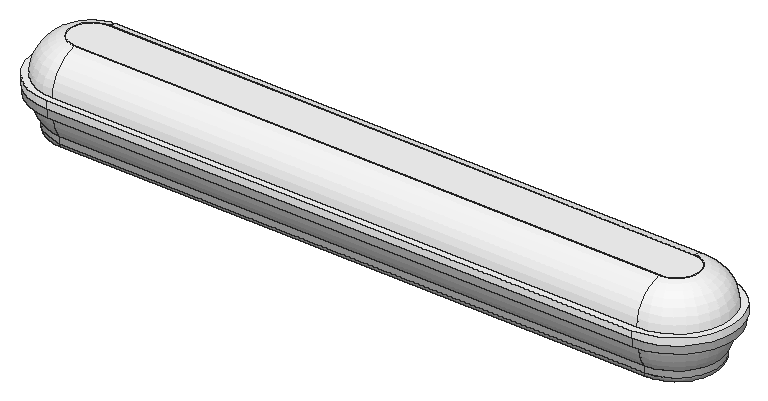
Revit family "LUXI_WATERPROOF LIGHT_HP-E", category Apparecchi per illuminazione, host Superficie, Revit 2016
Family settings
  Host = Superficie
  Tipo di parte = Normale
  Quota connettore circolare = Usa diametro
  Numero OmniClass = 23.80.70.00
  Titolo OmniClass = Lighting
  Taglio con vuoti quando caricato = No
  Sorgente d'illuminazione = Sì
  Condiviso = No
  Punto di calcolo locali = Sì
Parameters (values of type "WPHP020602G840")
  Wattage = 17.5035 W
  Vita utile = "L70B20 50.000ore"  # constant formula
  Variazione temperatura colore lampada con luminosità attenuata = <Nessuno>
  Uniclass 2015 Descrizione = "Lighting"  # constant formula
  Uniclass 2015 Codice = "EF_70_80"  # constant formula
  URL = "https://www.luxi.lighting/"
  Tipologie di installazione = "Sospensione / Parete / Soffitto"  # constant formula
  Temperatura di esercizio = "-40°C / +40°C"  # constant formula
  built-in parameter 1150107 = 4000 (stored number, unit not read)
  Step MacAdam (SDCM) = "<4"  # constant formula
  Sorgente = "LED SMD"  # constant formula
  Sistema di illuminazione = "Luce diretta"  # constant formula
  Simbolo [instance] = yes
  Revisione = "3"  # constant formula
  Rendi la forma visibile nel rendering = no
  Regolazione del flusso luminoso = "Non disponibile"  # constant formula
  Protezione agli urti = "IK10 (20 Joule)"  # constant formula
  Prospetto di default = 2000 mm
  Produttore = "Luxi Illuminazione S.r.l."  # constant formula
  Potenza = 20 W
  Peso = 1.20 kg
  built-in parameter 1150110 = 1 (stored number, unit not read)
  built-in parameter 1150109 = 1 (stored number, unit not read)
  built-in parameter 1114218 = 1 (stored number, unit not read)
  built-in parameter 1150112 = 1 (stored number, unit not read)
  Ottiche = "Schermo policarbonato opalino riflettente"  # constant formula
  Keynote = ""
  Modello = "Serie HP-E | Waterproof Light"  # constant formula
  Mod.2 = not(Mod.1)  # no
  Mod.1 = yes
  built-in parameter 1150137 = 1
  built-in parameter 1150132 = 2
  Materiale 3 = Policarbonato
  Materiale 2 = Policarbonato V2 Diffondente
  Materiale 1 = Policarbonato V2_Grigio
  Masterformat 2016 Descrizione = "Lighting"  # constant formula
  Masterformat 2016 Codice = "26.50.00"  # constant formula
  Lunghezza = 620 mm
  Larghezza = 100 mm
  built-in parameter 1150105 = 782.81 (stored number, unit not read)
  built-in parameter 1150102 = (empty or 0)
  Indice di resa cromatica = "≥80 (typ.)"  # constant formula
  built-in parameter 1150106 = 7.8281 (stored number, unit not read)
  IFCExportAs = "IfcLightFixtureType"  # constant formula
  H = 75 mm
  Grado di protezione = "IP 65 (frontale)"  # constant formula
  Garanzia = "5 anni"  # constant formula
  Lumens = 2600 lm
  Color Filter = 16777215
  File diagramma fotometrico = "WPHP020602G840 Luxi Serie HP-E 20W 4000K 600mm.IES"
  built-in parameter 1114217 = 1 (stored number, unit not read)
  built-in parameter 1150139 = (empty or 0)
  Fattore di correzione di potenza = "≥0,95 (typ.)"  # constant formula
  Emetti da lunghezza rettangolo = Lunghezza  # 620 mm
  Emetti da larghezza rettangolo = Larghezza  # 100 mm
  built-in parameter 1150104 = 13.8 (stored number, unit not read)
  Distanza da soffitto [instance] = 500 mm
  built-in parameter 1150115 = 1 (stored number, unit not read)
  built-in parameter 1150114 = 1 (stored number, unit not read)
  built-in parameter 1150113 = 1 (stored number, unit not read)
  Dimensioni = "620x75x100"
  Descrizione = "Plafoniera Standard"  # constant formula
  Type Comments = ""
  built-in parameter 1150134 = 12
  built-in parameter 1150138 = (empty or 0)
  Colore = "Grigio"  # constant formula
  Classe di rischio fotobiologico = "Esente (RG0)"  # constant formula
  Classe di protezione = "I"  # constant formula
  Classe di efficienza energetica = "A+"  # constant formula
  Certificazioni = "CE / RohS"  # constant formula
  Carico apparente = Potenza  # 20 VA
  Articolo = "WPHP020602G840"
  Angolo inclinazione = -90.00°
  Alimentazione = "220-240V AC / 50-60 Hz"  # constant formula
  Alimentatore = "Incluso"  # constant formula
  built-in parameter 1150133 = 10 (stored number, unit not read)
Types (11, lengths in mm): name | Wattage | Potenza | Peso | Keynote | Mod.2 | Mod.1 | Lunghezza | Larghezza | built-in parameter 1150105 | built-in parameter 1150106 | H | Lumens | File diagramma fotometrico | Emetti da lunghezza rettangolo | Emetti da larghezza rettangolo | Dimensioni | Type Comments | Carico apparente | Articolo
  (no name) | 17.5035 W | 20 W | 1.20 kg | "" | no | yes | 620 | 100 | 782.81 (stored number, unit not read) | 7.8281 (stored number, unit not read) | 75 | 2600 lm | "WPHP020602G840 Luxi Serie HP-E 20W 4000K 600mm.IES" | 620 | 100 | "620x75x100" | "" | 20 VA | "WPHP020602G840"
  WPHP020602G840 | 17.5035 W | 20 W | 1.20 kg | "" | no | yes | 620 | 100 | 782.81 (stored number, unit not read) | 7.8281 (stored number, unit not read) | 75 | 2600 lm | "WPHP020602G840 Luxi Serie HP-E 20W 4000K 600mm.IES" | 620 | 100 | "620x75x100" | "" | 20 VA | "WPHP020602G840"
  WPHP040122G840 | 35.0069 W | 40 W | 2.20 kg | "" | no | yes | 1220 | 100 | 1565.6 (stored number, unit not read) | 15.656 (stored number, unit not read) | 75 | 5200 lm | "WPHP040122G840 Luxi Serie HP-E 40W 4000K 1200mm.IES" | 1220 | 100 | "1220x75x100" | "" | 40 VA | "WPHP040122G840"
  WPHP030152G840 | 26.2552 W | 30 W | 2.80 kg | "" | no | yes | 1520 | 100 | 1174.2 (stored number, unit not read) | 11.742 (stored number, unit not read) | 75 | 3900 lm | "WPHP030152G840 Luxi Serie HP-E 30W 4000K 1500mm.IES" | 1520 | 100 | "1520x75x100" | "" | 30 VA | "WPHP030152G840"
  WPHP060152G840 | 52.5104 W | 60 W | 2.80 kg | "" | no | yes | 1520 | 100 | 2348.4 (stored number, unit not read) | 23.484 (stored number, unit not read) | 75 | 7800 lm | "WPHP060152G840 Luxi Serie HP-E 60W 4000K 1500mm.IES" | 1520 | 100 | "1520x75x100" | "" | 60 VA | "WPHP060152G840"
  WPHP060152G840P | 52.5104 W | 60 W | 2.80 kg | "" | no | yes | 1520 | 100 | 2348.4 (stored number, unit not read) | 23.484 (stored number, unit not read) | 75 | 7800 lm | "WPHP060152G840 Luxi Serie HP-E 60W 4000K 1500mm.IES" | 1520 | 100 | "1520x75x100" | "Passante" | 60 VA | "WPHP060152G840P"
  WPHP020602G840E | 17.5035 W | 20 W | 1.60 kg | "Autonomia 1h, ricarica 12h, SA 12W / 1400 lumen" | no | yes | 620 | 100 | 782.81 (stored number, unit not read) | 7.8281 (stored number, unit not read) | 75 | 2600 lm | "WPHP020602G840 Luxi Serie HP-E 20W 4000K 600mm.IES" | 620 | 100 | "620x75x100" | "Emergenza" | 20 VA | "WPHP020602G840E"
  WPHP030152G840E | 26.2552 W | 30 W | 3.20 kg | "Autonomia 1h, ricarica 12h, SA 12W / 1400 lumen" | no | yes | 1520 | 100 | 1174.2 (stored number, unit not read) | 11.742 (stored number, unit not read) | 75 | 3900 lm | "WPHP030152G840 Luxi Serie HP-E 30W 4000K 1500mm.IES" | 1520 | 100 | "1520x75x100" | "Emergenza" | 30 VA | "WPHP030152G840E"
  WPHP040122G840E | 35.0069 W | 40 W | 2.60 kg | "Autonomia 1h, ricarica 12h, SA 12W / 1400 lumen" | no | yes | 1220 | 100 | 1565.6 (stored number, unit not read) | 15.656 (stored number, unit not read) | 75 | 5200 lm | "WPHP040122G840 Luxi Serie HP-E 40W 4000K 1200mm.IES" | 1220 | 100 | "1220x75x100" | "Emergenza" | 40 VA | "WPHP040122G840E"
  WPHP060152G840E | 52.5104 W | 60 W | 3.20 kg | "Autonomia 1h, ricarica 12h, SA 12W / 1400 lumen" | no | yes | 1520 | 100 | 2348.4 (stored number, unit not read) | 23.484 (stored number, unit not read) | 75 | 7800 lm | "WPHP060152G840 Luxi Serie HP-E 60W 4000K 1500mm.IES" | 1520 | 100 | "1520x75x100" | "Emergenza" | 60 VA | "WPHP060152G840E"
  WPHP060152G840DA | 50.4908 W | 60 W | 2.80 kg | "" | yes | no | 1570 | 95 | 2258.1 (stored number, unit not read) | 22.581 (stored number, unit not read) | 85 | 7500 lm | "WPHP060150G840DA Luxi Serie HP-E 60W 4000K 1500mm DALI.IES" | 1570 | 95 | "1570x85x95" | "DALI" | 60 VA | "WPHP060152G840DA"
Reference planes
  plane 1 "Centro (Fronte/Retro)": y = 0
  plane 2: z = 0
  plane 3 "Centro (Sinistra/Destra)": x = 0
  plane 4 "Base": z = 500
  plane 5: z = 575
Dimensions and locks
  "H": plane 5 to plane 4 "Base"
  "Distanza da soffitto": plane 4 "Base" to level
  aligned and locked: plane 2 to host face
  aligned and locked: level to host face
  aligned and locked: plane 5 to imposter light
Automatic sketch dimensions
  host sketch curve to host sketch curve = 2438.4 mm  (x2)
Nested families
  nested 1: "HP_E_Generic" at (0, 0, 500), Materiale 1 <- "Materiale 1", Materiale 2 <- "Materiale 2", Lunghezza <- "Lunghezza", visible <- "Mod.1", type "HP_E_Generic"
    with Materiale 2 Policarbonato V2 Diffondente, Materiale 1 Policarbonato V2_Grigio, Lunghezza 620 mm
  nested 2: "HP_E_DaliGeneric" at (0, 0, 500), Materiale 1 <- "Materiale 1", Materiale 2 <- "Materiale 2", Lunghezza <- "Lunghezza", visible <- "Mod.2", type "HP_E_DaliGeneric"
    with Materiale 2 Policarbonato V2 Diffondente, Materiale 1 Policarbonato V2_Grigio, Lunghezza 620 mm
  nested 3: "Rect-circDET" at (0, 0, 0), Largh <- "Larghezza", Lungh <- "Lunghezza", visible <- "Simbolo", type "Rect-circDET"
    with R 50 mm, Lungh 620 mm, Largh 100 mm, 1 16.667 mm
Definition of nested family "HP_E_Generic"
  Parameters (values of type "HP_E_Generic")
    URL = ""
    R3 = 30.8 mm  # constant formula
    R2 = 4.9 mm  # constant formula
    R1 = 32.1 mm  # constant formula
    Default Elevation = 2000 mm
    Manufacturer = ""
    OFF4 = 18.8 mm
    OFF3 = 0 mm
    OFF2 = 0 mm
    OFF1 = Larghezza / 2  # 50 mm
    Keynote = ""
    Model = ""
    Materiale 2 [instance] = none
    Materiale 1 [instance] = none
    Lunghezza [instance] = 1570 mm
    Larghezza = 100 mm
    H = 75 mm
    Description = ""
    Type Comments = ""
  Reference planes
    plane 1 "Centro (Fronte/Retro)": y = 0
    plane 2: z = 0
    plane 3 "Centro (Sinistra/Destra)": x = 0
    plane 4: z = 0
    plane 5: z = 4.9
    plane 6: z = 10.471
    plane 7: z = 31.181
    plane 8: z = 31.181
    plane 9 "Track": z = 38.504
    plane 10: z = 44.711
    plane 11: z = 44.711
    plane 12: z = 75
    plane 13: y = -49.979
    plane 14: y = -48.867
    plane 15: y = -44.189
    plane 16: y = -42.63
    plane 17: y = -35.723
    plane 18: y = -30.823
    plane 19: y = -18.8
    plane 20: x = 785
    plane 21: x = 735
    plane 22: x = -785
    plane 23: x = -735
    plane 24: y = 49.979
    plane 25: y = 13.841
  Forms (mm)
    Extrusion 1, solid
      sketch origin (0, 0, 0) x (1, 0, 0) y (0, 1, 0)
        loop
          line (-1219.2, 1219.2) -> (-1219.2, -1219.2) -> (1219.2, -1219.2) -> (1219.2, 1219.2) -> (-1219.2, 1219.2)
      from 0 to -89.063
    Sweep 2, solid, material <- "Materiale 1"
      path origin (0, 0, 38.504) x (1, 0, 0) y (0, 1, 0)
        loop
          line (-735, -49.979) -> (735, -49.979)
          arc (735, -49.979) -> (785, 0.021) -> (735, 50.021) r 50
          line (735, 50.021) -> (-735, 50.021)
          arc (-735, 50.021) -> (-785, 0.021) -> (-735, -49.979) r 50
      profile origin (0, -49.979, 38.504) x (0, 1, 0) y (0, 0, 1)
        loop
          line (1.113, 0) -> (1.113, -7.324) -> (7.349, -7.324)
          arc (7.349, -7.324) -> (8.988, -18.284) -> (14.256, -28.034) r 32.1
          line (14.256, -28.034) -> (14.256, -33.604)
          arc (14.256, -33.604) -> (15.691, -37.069) -> (19.156, -38.504) r 4.9
          line (19.156, -38.504) -> (31.179, -38.504) -> (31.179, 0) -> (1.113, 0)
    Sweep 3, solid, material <- "Materiale 2"
      path origin (0, 0, 38.504) x (1, 0, 0) y (0, 1, 0)
        loop
          line (-735, -49.979) -> (735, -49.979)
          arc (735, -49.979) -> (785, 0.021) -> (735, 50.021) r 50
          line (735, 50.021) -> (-735, 50.021)
          arc (-735, 50.021) -> (-785, 0.021) -> (-735, -49.979) r 50
      profile origin (0, -49.979, 38.504) x (0, 1, 0) y (0, 0, 1)
        loop
          line (0, 0) -> (31.141, 0) -> (31.141, 36.521)
          arc (31.141, 36.521) -> (12.963, 25.965) -> (5.791, 6.207) r 30.8
          line (5.791, 6.207) -> (0, 6.207) -> (0, 0)
    Extrusion 4, solid, material <- "Materiale 2"
      sketch origin (0, 0, 38.504) x (1, 0, 0) y (0, 1, 0)
        loop
          line (-735, -18.8) -> (735, -18.8)
          arc (735, -18.8) -> (753.8, 0) -> (735, 18.8) r 18.8
          line (735, 18.8) -> (-735, 18.8)
          arc (-735, 18.8) -> (-753.8, 0) -> (-735, -18.8) r 18.8
      from 0 to 36.496
    Extrusion 5, solid, material <- "Materiale 1"
      sketch origin (0, 0, 38.504) x (1, 0, 0) y (0, 1, 0)
        loop
          line (-735, -18.8) -> (735, -18.8)
          arc (735, -18.8) -> (753.8, 0) -> (735, 18.8) r 18.8
          line (735, 18.8) -> (-735, 18.8)
          arc (-735, 18.8) -> (-753.8, 0) -> (-735, -18.8) r 18.8
      from 0 to -38.504
  Dimensions and locks
    locked: plane 13 to plane 14 at 1.113
    locked: plane 14 to plane 15 at 4.678
    locked: plane 15 to plane 16 at 1.559
    locked: plane 16 to plane 17 at 6.907
    locked: plane 17 to plane 18 at 4.9
    locked: plane 18 to plane 19 at 12.023
    locked: plane 11 to plane 12 at 30.289
    "OFF3": plane 10 to plane 11
    locked: plane 9 "Track" to plane 10 at 6.207
    locked: plane 8 to plane 9 "Track" at 7.324
    "OFF2": plane 7 to plane 8
    locked: plane 6 to plane 7 at 20.71
    locked: plane 5 to plane 6 at 5.571
    locked: plane 4 to plane 5 at 4.9
    plane 4 to plane 12 = 75 mm
    equal spacing: plane 22, plane 3 "Centro (Sinistra/Destra)", plane 20
    equal spacing: plane 23, plane 3 "Centro (Sinistra/Destra)", plane 21
    "Lunghezza": plane 22 to plane 20
    "OFF1": plane 22 to plane 23
    equal spacing: plane 13, plane 1 "Centro (Fronte/Retro)", plane 24
    plane 19 to plane 25 = 32.641 mm
    "OFF4": plane 19 to plane 1 "Centro (Fronte/Retro)"
    "OFF1": radius of Sweep 2 sketch curve  (x2)
    "R1": radius of Sweep 2 sketch curve
    "R2": radius of Sweep 2 sketch curve
    "OFF1": radius of Sweep 3 sketch curve  (x2)
    "R3": radius of Sweep 3 sketch curve
    "OFF4": radius of Extrusion 4 sketch curve  (x2)
    "OFF4": radius of Extrusion 5 sketch curve  (x2)
    aligned and locked: plane 2 to Extrusion 1
    aligned and locked: level to Extrusion 1
    aligned and locked: plane 9 "Track" to Extrusion 4
    aligned and locked: Extrusion 4 to plane 12
    aligned and locked: plane 9 "Track" to Extrusion 5
    aligned and locked: plane 4 to Extrusion 5
  Automatic sketch dimensions
    Extrusion 1 sketch curve to Extrusion 1 sketch curve = 2438.4 mm  (x2)
    plane 13 to Sweep 2 sketch curve = 0 mm
    Sweep 2 sketch curve to plane 23 = 0 mm
    Sweep 2 sketch curve to plane 21 = 0 mm
    plane 9 "Track" to Sweep 2 sketch curve = 0 mm
    Sweep 2 sketch curve to profile plane = 1.113 mm
    Sweep 2 sketch curve to Sweep 2 sketch curve = 6.237 mm
    Sweep 2 sketch curve to profile plane = 14.256 mm
    Sweep 2 sketch curve to Sweep 2 sketch curve = 12.023 mm
    plane 9 "Track" to Sweep 2 sketch curve = 8.129 mm
    Sweep 2 sketch curve to Sweep 2 sketch curve = 8.26 mm
    Sweep 2 sketch curve to Sweep 2 sketch curve = 5.571 mm
    plane 13 to Sweep 3 sketch curve = 0 mm
    Sweep 3 sketch curve to plane 23 = 0 mm  (x2)
    Sweep 3 sketch curve to plane 21 = 0 mm
    Sweep 3 sketch curve to profile plane = 0 mm
    plane 9 "Track" to Sweep 3 sketch curve = 0 mm
    Sweep 3 sketch curve to Sweep 3 sketch curve = 5.791 mm
    Sweep 3 sketch curve to Sweep 3 sketch curve = 5.449 mm
    Sweep 3 sketch curve to plane 9 "Track" = 6.207 mm
    plane 19 to Extrusion 4 sketch curve = 0 mm
    Extrusion 4 sketch curve to plane 23 = 0 mm
    Extrusion 4 sketch curve to plane 21 = 0 mm
    plane 19 to Extrusion 5 sketch curve = 0 mm
    Extrusion 5 sketch curve to plane 23 = 0 mm
    Extrusion 5 sketch curve to plane 21 = 0 mm  (x2)
Definition of nested family "HP_E_DaliGeneric"
  Parameters (values of type "HP_E_DaliGeneric")
    URL = ""
    R3 = 30.8 mm  # constant formula
    R2 = 4.9 mm  # constant formula
    R1 = 32.1 mm  # constant formula
    Default Elevation = 2000 mm
    Manufacturer = ""
    OFF4 = 16.321 mm
    OFF3 = 5 mm
    OFF2 = 5 mm
    OFF1 = Larghezza / 2  # 47.5 mm
    Keynote = ""
    Model = ""
    Materiale 2 [instance] = none
    Materiale 1 [instance] = none
    Lunghezza [instance] = 1570 mm
    Larghezza = 95 mm
    H = 85 mm
    Description = ""
    Type Comments = ""
  Reference planes
    plane 1 "Centro (Fronte/Retro)": y = 0
    plane 2: z = 0
    plane 3 "Centro (Sinistra/Destra)": x = 0
    plane 4: z = 0
    plane 5: z = 4.9
    plane 6: z = 10.471
    plane 7: z = 31.181
    plane 8: z = 36.181
    plane 9 "Track": z = 43.504
    plane 10: z = 49.711
    plane 11: z = 54.711
    plane 12: z = 85
    plane 13: y = -47.5
    plane 14: y = -46.387
    plane 15: y = -41.709
    plane 16: y = -40.151
    plane 17: y = -33.244
    plane 18: y = -28.344
    plane 19: y = -16.321
    plane 20: x = 785
    plane 21: x = 737.5
    plane 22: x = -785
    plane 23: x = -737.5
    plane 24: y = 47.5
    plane 25: y = 16.321
  Forms (mm)
    Extrusion 1, solid
      sketch origin (0, 0, 0) x (1, 0, 0) y (0, 1, 0)
        loop
          line (-1219.2, 1219.2) -> (-1219.2, -1219.2) -> (1219.2, -1219.2) -> (1219.2, 1219.2) -> (-1219.2, 1219.2)
      from 0 to -89.063
    Sweep 2, solid, material <- "Materiale 1"
      path origin (0, 0, 43.504) x (1, 0, 0) y (0, 1, 0)
        loop
          line (-737.5, -47.5) -> (737.5, -47.5)
          arc (737.5, -47.5) -> (785, 0) -> (737.5, 47.5) r 47.5
          line (737.5, 47.5) -> (-737.5, 47.5)
          arc (-737.5, 47.5) -> (-785, 0) -> (-737.5, -47.5) r 47.5
      profile origin (0, -47.5, 43.504) x (0, 1, 0) y (0, 0, 1)
        loop
          line (1.113, 0) -> (1.113, -7.324) -> (7.349, -7.324) -> (7.349, -12.324)
          arc (7.349, -12.324) -> (8.988, -23.284) -> (14.256, -33.034) r 32.1
          line (14.256, -33.034) -> (14.256, -38.604)
          arc (14.256, -38.604) -> (15.691, -42.069) -> (19.156, -43.504) r 4.9
          line (19.156, -43.504) -> (31.179, -43.504) -> (31.179, 0) -> (1.113, 0)
    Sweep 3, solid, material <- "Materiale 2"
      path origin (0, 0, 43.504) x (1, 0, 0) y (0, 1, 0)
        loop
          line (-737.5, -47.5) -> (737.5, -47.5)
          arc (737.5, -47.5) -> (785, 0) -> (737.5, 47.5) r 47.5
          line (737.5, 47.5) -> (-737.5, 47.5)
          arc (-737.5, 47.5) -> (-785, 0) -> (-737.5, -47.5) r 47.5
      profile origin (0, -47.5, 43.504) x (0, 1, 0) y (0, 0, 1)
        loop
          line (0, 0) -> (31.141, 0) -> (31.141, 41.521)
          arc (31.141, 41.521) -> (12.963, 30.965) -> (5.791, 11.207) r 30.8
          line (5.791, 11.207) -> (5.791, 6.207) -> (0, 6.207) -> (0, 0)
    Extrusion 4, solid, material <- "Materiale 2"
      sketch origin (0, 0, 43.504) x (1, 0, 0) y (0, 1, 0)
        loop
          line (-737.5, -16.321) -> (737.5, -16.321)
          arc (737.5, -16.321) -> (753.821, 0) -> (737.5, 16.321) r 16.321
          line (737.5, 16.321) -> (-737.5, 16.321)
          arc (-737.5, 16.321) -> (-753.821, 0) -> (-737.5, -16.321) r 16.321
      from 0 to 41.496
    Extrusion 5, solid, material <- "Materiale 1"
      sketch origin (0, 0, 43.504) x (1, 0, 0) y (0, 1, 0)
        loop
          line (-737.5, -16.321) -> (737.5, -16.321)
          arc (737.5, -16.321) -> (753.821, 0) -> (737.5, 16.321) r 16.321
          line (737.5, 16.321) -> (-737.5, 16.321)
          arc (-737.5, 16.321) -> (-753.821, 0) -> (-737.5, -16.321) r 16.321
      from 0 to -43.504
  Dimensions and locks
    locked: plane 13 to plane 14 at 1.113
    locked: plane 14 to plane 15 at 4.678
    locked: plane 15 to plane 16 at 1.559
    locked: plane 16 to plane 17 at 6.907
    locked: plane 17 to plane 18 at 4.9
    locked: plane 18 to plane 19 at 12.023
    locked: plane 11 to plane 12 at 30.289
    "OFF3": plane 10 to plane 11
    locked: plane 9 "Track" to plane 10 at 6.207
    locked: plane 8 to plane 9 "Track" at 7.324
    "OFF2": plane 7 to plane 8
    locked: plane 6 to plane 7 at 20.71
    locked: plane 5 to plane 6 at 5.571
    locked: plane 4 to plane 5 at 4.9
    plane 4 to plane 12 = 85 mm
    equal spacing: plane 22, plane 3 "Centro (Sinistra/Destra)", plane 20
    equal spacing: plane 23, plane 3 "Centro (Sinistra/Destra)", plane 21
    "Lunghezza": plane 22 to plane 20
    "OFF1": plane 22 to plane 23
    equal spacing: plane 13, plane 1 "Centro (Fronte/Retro)", plane 24
    plane 19 to plane 25 = 32.641 mm
    "OFF1": radius of Sweep 2 sketch curve  (x2)
    "R1": radius of Sweep 2 sketch curve
    "R2": radius of Sweep 2 sketch curve
    "OFF1": radius of Sweep 3 sketch curve  (x2)
    "R3": radius of Sweep 3 sketch curve
    "OFF4": radius of Extrusion 4 sketch curve  (x2)
    "OFF4": radius of Extrusion 5 sketch curve  (x2)
    aligned and locked: plane 2 to Extrusion 1
    aligned and locked: level to Extrusion 1
    aligned and locked: plane 9 "Track" to Extrusion 4
    aligned and locked: Extrusion 4 to plane 12
    aligned and locked: plane 9 "Track" to Extrusion 5
    aligned and locked: plane 4 to Extrusion 5
  Automatic sketch dimensions
    Extrusion 1 sketch curve to Extrusion 1 sketch curve = 2438.4 mm  (x2)
    plane 13 to Sweep 2 sketch curve = 0 mm
    Sweep 2 sketch curve to plane 23 = 0 mm
    Sweep 2 sketch curve to plane 21 = 0 mm
    plane 9 "Track" to Sweep 2 sketch curve = 0 mm
    Sweep 2 sketch curve to profile plane = 1.113 mm
    Sweep 2 sketch curve to profile plane = 7.349 mm
    Sweep 2 sketch curve to profile plane = 14.256 mm
    Sweep 2 sketch curve to Sweep 2 sketch curve = 23.83 mm
    plane 9 "Track" to Sweep 2 sketch curve = 13.129 mm
    Sweep 2 sketch curve to Sweep 2 sketch curve = 8.26 mm
    Sweep 2 sketch curve to Sweep 2 sketch curve = 5.571 mm
    Sweep 2 sketch curve to Sweep 2 sketch curve = 5 mm
    Sweep 2 sketch curve to Sweep 2 sketch curve = 0 mm  (x2)
    plane 13 to Sweep 3 sketch curve = 0 mm
    Sweep 3 sketch curve to plane 23 = 0 mm  (x2)
    Sweep 3 sketch curve to plane 21 = 0 mm
    plane 9 "Track" to Sweep 3 sketch curve = 0 mm
    Sweep 3 sketch curve to profile plane = 0 mm
    Sweep 3 sketch curve to profile plane = 5.791 mm
    Sweep 3 sketch curve to Sweep 3 sketch curve = 5.449 mm
    Sweep 3 sketch curve to plane 9 "Track" = 6.207 mm
    Sweep 3 sketch curve to Sweep 3 sketch curve = 5 mm
    plane 19 to Extrusion 4 sketch curve = 0 mm
    Extrusion 4 sketch curve to plane 23 = 0 mm
    Extrusion 4 sketch curve to plane 21 = 0 mm
    plane 19 to Extrusion 5 sketch curve = 0 mm
    Extrusion 5 sketch curve to plane 23 = 0 mm
    Extrusion 5 sketch curve to plane 21 = 0 mm  (x2)
Definition of nested family "Rect-circDET"
  Parameters (values of type "Rect-circDET")
    R [instance] = Largh / 2  # 80 mm
    Lungh [instance] = 1078.827 mm
    Largh [instance] = 160 mm
    1 [instance] = R / 3  # 26.667 mm
  Reference planes
    plane 1 "Centro (Fronte/Retro)": y = 0
    plane 2: z = 0
    plane 3 "Centro (Sinistra/Destra)": x = 0
    plane 4: x = -539.414
    plane 5: y = -80
    plane 6: x = 539.414
    plane 7: y = 80
    plane 8: x = -459.414
    plane 9: x = 459.414
    plane 10: y = 13.333
    plane 11: y = -13.333
  Lines and regions (mm)
    detail lines, in view "Livello rif."
      curve 1: line (-459.414, 80, 0) -> (459.414, 80, 0)
      curve 2: line (-459.414, -80, 0) -> (459.414, -80, 0)
      curve 3: arc (-459.414, 80, 0) -> (-539.414, 0, 0) -> (-459.414, -80, 0) r 80
      curve 4: arc (459.414, 80, 0) -> (539.414, 0, 0) -> (459.414, -80, 0) r 80
      curve 5: line (-459.414, 13.333, 0) -> (459.414, 13.333, 0)
      curve 6: line (459.414, -13.333, 0) -> (-459.414, -13.333, 0)
  Dimensions and locks
    equal spacing: plane 4, plane 3 "Centro (Sinistra/Destra)", plane 6
    equal spacing: plane 5, plane 1 "Centro (Fronte/Retro)", plane 7
    "Lungh": plane 4 to plane 6
    "Largh": plane 5 to plane 7
    equal spacing: plane 8, plane 3 "Centro (Sinistra/Destra)", plane 9
    "R": plane 4 to plane 8
    equal spacing: plane 10, plane 1 "Centro (Fronte/Retro)", plane 11
    "1": plane 10 to plane 11
    "R": radius of curve 4
    "R": radius of curve 3
  Automatic sketch dimensions
    plane 7 to curve 1 = 0 mm
    curve 1 to plane 8 = 0 mm
    curve 5 to plane 8 = 0 mm
    curve 6 to plane 8 = 0 mm
    curve 4 to plane 9 = 0 mm
    curve 5 to plane 9 = 0 mm
    curve 6 to plane 9 = 0 mm
    curve 6 to plane 11 = 0 mm
    curve 5 to plane 10 = 0 mm
